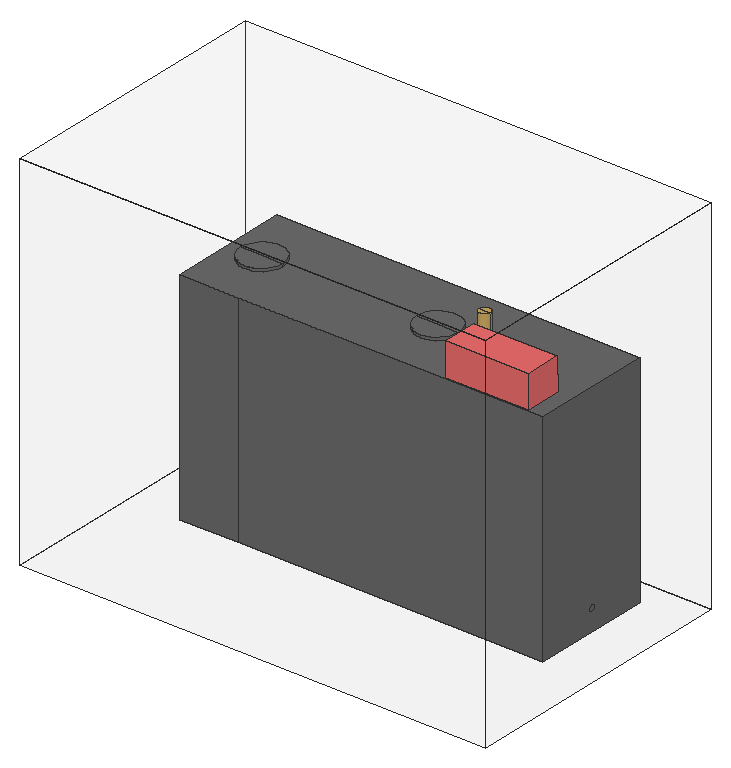
Revit family "Remeha_Gas310EcoPro-650_LOD-3", category Mechanical Equipment, host Face, Revit 2015
Parameters (values of type "Gas 310 Eco Pro - 650")
  Weekly = "0"
  Water Treatment Required = yes
  Water Content = 104.0 L
  Warranty ID = ""
  Voltage = 230 V
  Uniclass2015 = ""
  URL = ""
  Type = "Space heating"
  Turndown Ratio = "5:1"
  Supply Phase = 1
  Starting Current = 0 A
  Sound Pressure Level = "56 dBA"
  Shipping Weight = 633.00 kg
  Shape = "Rectangular (Horizontal)"
  Safety Valve Connection Type = "Threaded"
  Safety Valve Connection Size = 40.000 mm
  Responsible Sourcing of Materials = "0"
  Responsible Extraction of Materials = "0"
  Reference Standard = "2009/142 EEC : 92/42/EEC"
  Rated Output = 601000 W
  Rated Criteria = "80/60"
  Quarterly = "0"
  Product Range = "Gas 310 Eco Pro - 650"
  Product Model Number = "90756"
  Product Literature = "https://www.remeha.co.uk/en/Products/Floor-Standing-Range/Gas-310-610-Eco-Pro"
  Primary Fuel = "Gas - NG"
  Overall Width = 716.000 mm
  Overall Length = 2172.000 mm
  Overall Height = 1500.000 mm
  Optional Fuel = "No Optional Fuel"
  Operation and Maintenance Manual = "https://www.remeha.co.uk/en/Products/Floor-Standing-Range/Gas-310-610-Eco-Pro"
  Oil Consumption rate = 0
  Nominal Oil Inlet Pressure = 0.00 bar
  Nominal Gas Inlet Pressure = 0.02 bar
  NOx Emissions = "26 mg/kWh"
  Mounting = "Floor Standing"
  Monthly = "0"
  Model = "Gas 310 Eco Pro - 650"
  Minimum Power Consumption = 7 W
  Minimum Operating Pressure = 0.80 bar
  Minimum Oil Inlet Pressure = 0.00 bar
  Minimum Gas Inlet Pressure = 0.017 bar
  Minimum Flow Rate at 20C temperature differential = 7.19 L/s
  Minimum Flow Rate at 11C temperature differential = 13.07 L/s
  Maximum Power Consumption = 723 W
  Maximum Operating Pressure = 7.00 bar
  Maximum Oil Inlet Pressure = 0.00 bar
  Maximum Gas Inlet Pressure = 0.10 bar
  Material Ingredient Reporting = "0"
  Manufacturer Website = "http://www.remeha.co.uk/"
  Manufacturer = "Remeha Commercial "  # constant formula
  Maintenance Required 8001 to 12000hrs = "0"
  Maintenance Required 601 to 1000hrs = "0"
  Maintenance Required 4001 to 8000hrs = "0"
  Maintenance Required 301 to 600hrs = "0"
  Maintenance Required 2001 to 4000hrs = "0"
  Maintenance Required 1001 to 2000hrs = "0"
  Maintenance Required 0 to 300hrs = "0"
  Location of Manufacturer = "0"
  Life Cycle Analysis = "0"
  Interlocks = yes
  IfcExportType = "NOTDEFINED"  # constant formula
  IfcExportAs = "IfcBoilerType"  # constant formula
  IP Rating = "X1B"
  IK Rating = "0"
  Hydraulic Resistance at 20C temperature differential = 0.13 bar
  Hydraulic Resistance at 11C temperature differential = 0.435 bar
  Heater Operation = "Condensing"
  Heat Exchanger Material = "Aluminium"
  Gross Weight = 672.00 kg
  Green Guide for Specification = "0"
  Gas Consumption rate = "64.6 m3/h"
  Fuse Rating = 10 A
  Full Load Current = 0 A
  Fuel Connection Type = "Threaded"
  Fuel Connection Size = 50.000 mm
  Frequency = 50 Hz
  Flue or Air Intake Classification = "B23, B23P, C33, C53, C63, C83, C93"
  Flue Connection size = 250.000 mm
  Flow and Return Connection Type = "Flanged"
  Flow and Return Connection Size = 80.000 mm
  Finish = "Gloss Grade 70% ISO2813"
  Features = "Remeha's Gas 310 ECO PRO range are compact high efficiency floor standing gas condensing boilers. Ideally suited for single and multiple cascade arrangements for new and refurbishment projects."
  External Material = "Steel"
  Expected Life = "15"
  ErP Seasonal Efficiency = "0 %"
  ErP Rated Efficiency at Part Load = "0 %"
  ErP Rated Efficiency at Full Load = "0 %"
  ErP Energy Label = "0"
  Environmental Product Declaration = "0"
  Energy Technology List = "https://etl.decc.gov.uk/engetl/fox/live/ETL_PUBLIC_PRODUCT_SEARCH/product?PROD_ID=71170"
  Embodied Carbon = "0"
  Drain Connection Type = "Other"
  Drain Connection Size = 20.000 mm
  Description = ""
  Default Elevation = 0.000 mm  # constant formula
  Daily = "0"
  Control Type = "0 - 10V, Open Therm, Volt free enable, Direct boiler weather compensating control systems available from Remeha as optional extra's."
  Configuration = "Single boiler"
  Condensate Drain Type = "Threaded"
  Condensate Drain Size = 32.000 mm
  Colour = "RAL 2002 Red : RAL 7016 Dark Grey"
  Clearance Box Visibility [instance] = yes
  Classification.Uniclass.Pr.Number [instance] = "Pr_60_60_08_34"
  Classification.Uniclass.Pr.Description [instance] = "Gas fired Condensing Boilers"
  CE Mark = "0063CL3613"
  Burner Control Type = "Modulating"
  Building Regulations Seasonal Efficiency = "95.75 %"
  Bespoke Timeframe = "0"
  BMS Links = yes
  Assembly Code = ""
  Annually = "As Per Attached URL O&M Manual"
  Air Inlet Connection Size = 250.000 mm
  Additional Technical Details = "https://www.remeha.co.uk/en/Products/Floor-Standing-Range/Gas-310-610-Eco-Pro"
  Access Clearance Top = 650.000 mm
  Access Clearance Right = 150.000 mm
  Access Clearance Rear = 300.000 mm
  Access Clearance Left = 800.000 mm
  Access Clearance Front = 800.000 mm
  Access Clearance Bottom = 0.000 mm
  6 Monthly = "0"
Reference planes
  plane 1 "Center (Front/Back)": y = 0
  plane 2: z = 0
  plane 3 "Center (Left/Right)": x = 0
  plane 4: x = -1071
  plane 5: x = 1071
  plane 6: y = 358
  plane 7: y = -358
  plane 8: z = 1500
  plane 9: x = -1371
  plane 10: x = 1371
  plane 11: y = 508
  plane 12: y = -1158
  plane 13: z = 2150
Forms (mm)
  Sweep 1, solid, material "Glass - Clear - Amber", visible <- "Clearance Box Visibility"
    path origin (0, 0, 0) x (1, 0, 0) y (0, 0, 1)
      loop
        line (0, 2150) -> (0, 0)
    profile origin (0, 0, 1075) x (0, -1, 0) y (1, 0, 0)
      loop
        line (-508, -1371) -> (1158, -1371) -> (1158, 1371) -> (-508, 1371) -> (-508, -1371)
Dimensions and locks
  equal spacing: plane 4, plane 3 "Center (Left/Right)", plane 5
  plane 4 to plane 5 = 2142.000 mm
  equal spacing: plane 7, plane 1 "Center (Front/Back)", plane 6
  plane 7 to plane 6 = 716.000 mm
  plane 8 to level = 1500.000 mm
  plane 9 to plane 4 = 300.000 mm
  plane 5 to plane 10 = 300.000 mm
  plane 11 to plane 6 = 150.000 mm
  plane 12 to plane 7 = 800.000 mm
  plane 13 to plane 8 = 650.000 mm
  nested 1 to level = 1308.201 mm
  equal spacing: plane 6, plane 1 "Center (Front/Back)", plane 7
  aligned and locked: plane 2 to host face
  aligned and locked: level to host face
  aligned and locked: Sweep 1 sketch curve to plane 3 "Center (Left/Right)"
  aligned and locked: plane 13 to Sweep 1 sketch curve
  aligned and locked: level to Sweep 1 sketch curve
  aligned and locked: Sweep 1 sketch curve to plane 11
  aligned and locked: Sweep 1 sketch curve to plane 10
  aligned and locked: plane 9 to Sweep 1 sketch curve
  aligned and locked: Sweep 1 sketch curve to plane 12
  aligned and locked: plane 1 "Center (Front/Back)" to nested 1
  aligned and locked: nested 1 to plane 4
Automatic sketch dimensions
  host sketch curve to host sketch curve = 2438.400 mm  (x2)
Nested families
  nested 1: "Gas 310" at (0, 0, 0), type "Gas 310"
    with Width A 2142.000 mm, L 1800.000 mm, Handle Offset 971.000 mm, C 2172.000 mm, B 1944.000 mm
Connectors
  piping at (-1073.048, 244.474, 366), diameter 65
    settings: on nested 1, index 3, connector inside diameter 65.000 mm, connector length 0.000 mm, flow factor 0, pipe flow 0 L/s, pressure drop 0.00 bar, fitting loss kfactor 0, connector angle 0.00°, fixture units 0, engagement length 0.000 mm, angle of deflection 0.00°, flow configuration 0, flow direction 2, fitting loss method 0, system type 8, joint type 0, gender type 0, connector reference index -1, connector utility 0, adjustable connector no, is connector primary yes, connector description "Heating Circuit Return"
  piping at (442.852, 0, 1476.07), diameter 65
    settings: on nested 1, index 8, connector inside diameter 65.000 mm, connector length 0.000 mm, flow factor 0, pipe flow 0 L/s, pressure drop 0.00 bar, fitting loss kfactor 0, connector angle 0.00°, fixture units 0, engagement length 0.000 mm, angle of deflection 0.00°, flow configuration 0, flow direction 1, fitting loss method 0, system type 22, joint type 0, gender type 0, connector reference index -1, connector utility 0, adjustable connector no, is connector primary no, connector description "Gas Connection"
  hvac at (164.288, 0, 1308.201)
    settings: on nested 1, index 9, duct flow 0 m³/h, flow factor 0, pres drop 0.00 bar, loss coef 0, conn angle 0.00°, conn width 12", conn height 12", conn diameter 9.84252", duct sys type 1, conn prof type 0, flow config 0, flow direction 1, loss method 0, conn ref index -1, conn util yes, is conn primary yes, conn desc "Air Intake Connection"
  hvac at (-873, 0, 1307.297)
    settings: on nested 1, index 10, duct flow 0 m³/h, flow factor 0, pres drop 0.00 bar, loss coef 0, conn angle 0.00°, conn width 12", conn height 12", conn diameter 9.84252", duct sys type 2, conn prof type 0, flow config 0, flow direction 2, loss method 0, conn ref index -1, conn util yes, is conn primary no, conn desc "Flue Gas Connection"
  piping at (-1073.048, 244.474, 686), diameter 75
    settings: on nested 1, index 11, connector inside diameter 609.600 mm, connector length 0.000 mm, flow factor 0, pipe flow 0 L/s, pressure drop 0.00 bar, fitting loss kfactor 0, connector angle 0.00°, fixture units 0, engagement length 0.000 mm, angle of deflection 0.00°, flow configuration 0, flow direction 0, fitting loss method 0, system type 8, joint type 0, gender type 0, connector reference index -1, connector utility 0, adjustable connector no, is connector primary no, connector description ""
  electrical at (976.784, -240.815, 1388.248)
    settings: on nested 1, index 12, voltage 230 V, apparent load 24 VA, apparent load phase1 0 VA, apparent load phase2 0 VA, apparent load phase3 0 VA, power factor 1, load classification "Power", number of poles 1, system type 30, power factor state 1, is connector primary yes, connector utility yes, sub classification motor yes, connector description "Power"
  piping at (1071.794, 0, 128.93), diameter 32
    settings: on nested 1, index 13, connector inside diameter 609.600 mm, connector length 0.000 mm, flow factor 0, pipe flow 0 L/s, pressure drop 0.00 bar, fitting loss kfactor 0, connector angle 0.00°, fixture units 0, engagement length 0.000 mm, angle of deflection 0.00°, flow configuration 0, flow direction 2, fitting loss method 0, system type 16, joint type 0, gender type 0, connector reference index -1, connector utility 1, adjustable connector no, is connector primary no, connector description "Condensates Discharge"
  piping at (-1073.048, 244.474, 1023), diameter 80
    settings: on nested 1, index 14, connector inside diameter 609.600 mm, connector length 0.000 mm, flow factor 0, pipe flow 0 L/s, pressure drop 0.00 bar, fitting loss kfactor 0, connector angle 0.00°, fixture units 0, engagement length 0.000 mm, angle of deflection 0.00°, flow configuration 0, flow direction 1, fitting loss method 0, system type 7, joint type 0, gender type 0, connector reference index -1, connector utility 1, adjustable connector no, is connector primary no, connector description "Flow Connection"
Definition of nested family "Gas 310"
  Parameters
    Width A = 1833.000 mm
    Unit = none
    Top Clearance = 400.000 mm  # constant formula
    Text Material = none
    Second Return Pipe Connection_Optional = yes
    Second Return Pipe Connection Visibility = yes
    Return Pipe = 31.750 mm
    Return Connection = none
    Pipe Size = 31.750 mm
    Pipe Material = none
    Side Clearance = 100.000 mm  # constant formula
    Logo = none
    L = 1490.000 mm
    Height = 1500.000 mm  # constant formula
    Handle Offset = (Width A / 2) - 100.000 mm  # 816.500 mm
    Gas Pipe = 31.750 mm
    Gas Connection Pipe = none
    Front Clearance = 700.000 mm  # constant formula
    Door Panel = none
    Depth = 716.000 mm  # constant formula
    Default Elevation = 0.000 mm
    C = 1862.000 mm
    Back Clearnce Note = "300mm refers to singular boiler installations, 600mm refers to modular boiler applications"  # constant formula
    Back Clearnce = 0.000 mm
    B = Width A - 198.000 mm  # 1635.000 mm
    Assembly Code = ""
  Reference planes
    plane 1 "Center (Front/Back)": y = 0
    plane 2: z = 0
    plane 3 "Center (Left/Right)": x = 0
    plane 4: z = 1500
    plane 5: x = 1071
    plane 6: x = -762
    plane 7: y = 358
    plane 8: y = -358
    plane 9: z = 1023
    plane 10: z = 686
    plane 11: z = 366
    plane 12: x = 1081.499
    plane 13: x = -857.948
    plane 14: y = 244.474
    plane 15: z = 447
    plane 16: z = 686
    plane 17: x = -721.476
    plane 18: x = -282.886
    plane 19: x = 385.059
    plane 20: y = -233.136
    plane 21: y = 242.974
    plane 22: x = 813.64
    plane 23: z = 1192.297
    plane 24: x = 717.992
    plane 25: z = 128.93
  Forms (mm)
    Extrusion 1, solid, material <- "Door Panel"
      sketch origin (0, 0, 0) x (1, 0, 0) y (0, 1, 0)
        loop
          line (-419, 358) -> (-762, 358) -> (-762, -358) -> (-419, -358) -> (1071, -358) -> (1071, 358) -> (-419, 358)
      from 0 to 1292.297
    Revolve 2, solid, material <- "Door Panel"
      sketch origin (0, 0, 0) x (1, 0, 0) y (0, 0, 1)
        loop
          line (164.288, 1308.201) -> (39.288, 1308.201) -> (39.288, 1292.297) -> (164.288, 1292.297) -> (164.288, 1308.201)
        axis (164.288, 1292.297) -> (164.288, 1308.201)
      angle from 0 to 360
    Extrusion 3, solid, material <- "Pipe Material"
      sketch origin (0, 0, 0) x (0, -1, 0) y (0, 0, -1)
        loop
          line (130.701, -1292.297) -> (137.402, -1484.199) -> (347.579, -1484.199) -> (347.579, -1292.297) -> (130.701, -1292.297)
      from 489.053 to 976.784
    Revolve 4, solid, material <- "Gas Connection Pipe"
      sketch origin (0, 0, 0) x (1, 0, 0) y (0, 0, 1)
        loop
          line (442.852, 1292.297) -> (442.852, 1476.07) -> (410.352, 1476.07) -> (410.352, 1292.297) -> (442.852, 1292.297)
        axis (442.852, 1476.07) -> (442.852, 1292.297)
      angle from 0 to 360
    Revolve 5, solid, material <- "Pipe Material"
      sketch origin (0, 244.474, 1121.658) x (0, 0, 1) y (-1, 0, 0)
        loop
          line (-138.658, 762) -> (-98.658, 762) -> (-98.658, 764.048) -> (-138.658, 764.048) -> (-138.658, 762)
        axis (-98.658, 764.048) -> (-98.658, 762)
      angle from 0 to 360
    Revolve 6, solid, material <- "Return Connection"
      sketch origin (0, 244.474, 784.658) x (0, 0, 1) y (-1, 0, 0)
        loop
          line (-451.158, 764.048) -> (-451.158, 762) -> (-418.658, 762) -> (-418.658, 764.048) -> (-451.158, 764.048)
        axis (-418.658, 764.048) -> (-418.658, 762)
      angle from 0 to 360
    Sweep 7, solid, material <- "Pipe Material"
      path origin (0, 244.474, 1121.658) x (0, 0, 1) y (-1, 0, 0)
        loop
          line (-435.658, 764.048) -> (-435.658, 762)
      profile origin (-763.024, 244.474, 686) x (0, 0, 1) y (0, -1, 0)
        loop
          circle (0, 0) r 37.5
    Extrusion 8, solid, material <- "Door Panel"
      sketch origin (0, 0, 0) x (0, 1, 0) y (0, 0, 1)
        loop
          circle (0, 128.93) r 16
      from 1071 to 1071.794
  Cuts and joins
    joined: Extrusion 1, Revolve 2, Extrusion 8
    joined: Extrusion 3, Revolve 5, Sweep 7
  Dimensions and locks
    "Height": plane 4 to level
    "Width A": plane 6 to plane 5
    equal spacing: plane 7, plane 1 "Center (Front/Back)", plane 8
    "Depth": plane 7 to plane 8
    locked: plane 9 to level at 1023
    locked: plane 10 to level at 686
    locked: plane 11 to level at 366
    plane 10 to plane 11 = 320.000 mm
    locked: plane 7 to plane 14 at 113.526
    "B": nested 1 to plane 5
    locked: plane 15 to level at 447
    "L": Extrusion 1 sketch curve to plane 5  (x2)
    locked: plane 11 to plane 16 at 320
    plane 11 to level = 366.000 mm
    locked: plane 6 to plane 18 at 479.114
    locked: plane 5 to plane 19 at 685.941
    locked: plane 14 to plane 21 at 1.5
    locked: plane 20 to plane 8 at 124.864
    locked: plane 5 to plane 22 at 257.36
    locked: plane 5 to plane 24 at 353.008
    plane 6 to plane 3 "Center (Left/Right)" to plane 5 = 762.000 mm, 1071.000 mm
    plane 25 to level = 128.930 mm
    radius of Extrusion 8 sketch curve = 16.000 mm
    aligned and locked: plane 2 to level
    aligned and locked: plane 1 "Center (Front/Back)" to nested 1
    aligned: cut or joined group of Extrusion 3, Revolve 5, Sweep 7 to cut or joined group of Extrusion 3, Revolve 5, Sweep 7
    aligned and locked: Extrusion 1 sketch curve to plane 6
    aligned and locked: Revolve 5 sketch curve to plane 9
    aligned and locked: Revolve 6 sketch curve to plane 11
    aligned and locked: Sweep 7 sketch curve to plane 16
    aligned and locked: Extrusion 1 to level
    aligned and locked: Extrusion 8 to plane 5
    aligned and locked: Extrusion 1 sketch curve to plane 7
    aligned and locked: Revolve 6 sketch curve to cut or joined group of Extrusion 3, Revolve 5, Sweep 7
    aligned and locked: cut or joined group of Extrusion 1, Revolve 2, Extrusion 8 to Revolve 6 sketch curve
    aligned and locked: Revolve 5 sketch curve to plane 6
    aligned and locked: cut or joined group of Extrusion 1, Revolve 2, Extrusion 8 to nested 1
  Automatic sketch dimensions
    plane 3 "Center (Left/Right)" to Revolve 2 sketch curve = 39.288 mm
    Revolve 2 sketch curve to Revolve 2 sketch curve = 125.000 mm
    plane 23 to Revolve 2 sketch curve = 100.000 mm
    Revolve 2 sketch curve to Revolve 2 sketch curve = 15.903 mm
    Revolve 2 sketch curve to Revolve 2 sketch curve = 0.000 mm
    Revolve 2 sketch curve to Revolve 2 sketch curve = 7.571 mm
    Revolve 2 sketch curve to Revolve 2 sketch curve = 21.668 mm
    Extrusion 3 sketch curve to plane 20 = 95.734 mm
    Extrusion 3 sketch curve to plane 8 = 10.421 mm
    Extrusion 3 sketch curve to plane 4 = 15.801 mm
    plane 23 to Extrusion 3 sketch curve = 100.000 mm
    plane 19 to Revolve 4 sketch curve = 25.293 mm
    Revolve 4 sketch curve to Revolve 4 sketch curve = 32.500 mm
    plane 23 to Revolve 4 sketch curve = 100.000 mm
    Revolve 4 sketch curve to plane 4 = 23.930 mm
    Revolve 4 sketch curve to Revolve 4 sketch curve = 0.000 mm  (x3)
    Revolve 6 sketch curve to plane 11 = 0.000 mm
    plane 11 to Revolve 6 sketch curve = 32.500 mm
    plane 6 to Revolve 6 sketch curve = 21.000 mm
    plane 13 to Revolve 6 sketch curve = 10.948 mm
    Sweep 7 sketch curve to plane 14 = 0.000 mm
    profile plane to Sweep 7 sketch curve = 0.000 mm
    Extrusion 3 sketch curve to plane 20 = 102.436 mm
    Extrusion 8 sketch curve to plane 1 "Center (Front/Back)" = 0.000 mm
    Extrusion 8 sketch curve to plane 25 = 0.000 mm
    Revolve 5 sketch curve to plane 9 = 0.000 mm
    plane 9 to Revolve 5 sketch curve = 40.000 mm
    plane 13 to Revolve 5 sketch curve = 10.948 mm
    plane 6 to Revolve 5 sketch curve = 21.000 mm
    plane 6 to Sweep 7 sketch curve = 2.048 mm
    plane 6 to Sweep 7 sketch curve = 0.000 mm
    plane 6 to Revolve 5 sketch curve = 2.048 mm
    plane 8 to Extrusion 1 sketch curve = 0.000 mm  (x2)
    Extrusion 1 sketch curve to plane 5 = 0.000 mm
    Extrusion 1 sketch curve to Extrusion 1 sketch curve = 0.000 mm
    radius of Sweep 7 sketch curve = 37.500 mm
  Nested families
    nested 1: "Flue Gas Discharge Pipe" at (-564, 0, 1292.297), type "Flue Gas Discharge Pipe"
  Definition of nested family "Flue Gas Discharge Pipe"
    Parameters
      Unit = none
      Assembly Code = ""
    Reference planes
      plane 1 "Center (Front/Back)": y = 0
      plane 2: z = 0
      plane 3 "Center (Left/Right)": x = 0
    Forms (mm)
      Revolve 1, solid, material <- "Unit"
        sketch origin (-164.288, 0, -1184.172) x (1, 0, 0) y (0, 0, 1)
          loop
            line (39.579, 1199.172) -> (39.448, 1184.172) -> (164.288, 1184.172) -> (164.288, 1199.172) -> (39.579, 1199.172)
          axis (164.288, 1184.172) -> (164.288, 1199.172)
        angle from 0 to 360
    Dimensions and locks
      aligned and locked: level to plane 2
      aligned and locked: Revolve 1 sketch curve to plane 3 "Center (Left/Right)"
      aligned and locked: level to Revolve 1 sketch curve
